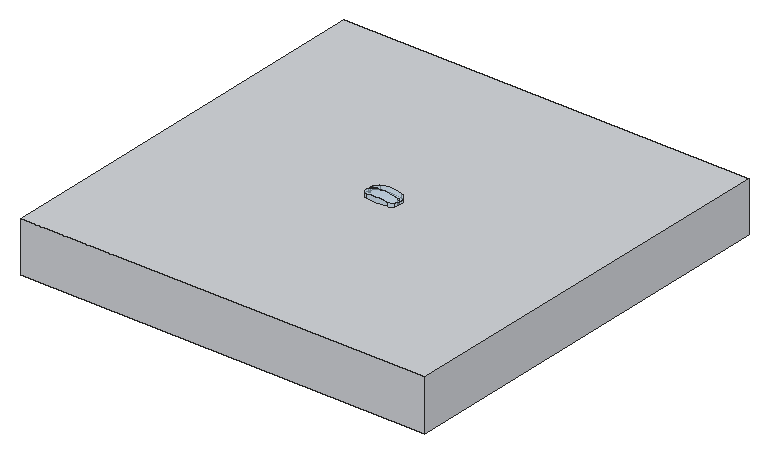
Revit family "GALAD Блистер LED", category Осветительные приборы, Revit 2018 (continued)
Types (3, lengths in mm): name | Файл фотометрической сетки | built-in parameter 1150142 | Материал рассеивателя | Материал корпуса | URL | IP | ADSK_Наименование краткое | ADSK_Наименование | ADSK_Марка | ADSK_Код изделия
    11 2.54 3.10 3.66 3.95 3.95 3.95 3.80 3.66 3.38 1.27 0.14 \r\n287.28 287.14 287.14 285.45 283.34 280.66 277.00 273.05 268.55 263.33 257.98 251.64 244.59 237.41 229.94 221.77 213.17 203.88 194.58 184.43 174.01 163.72 153.01 141.32 129.76 118.63 106.94 95.25 83.97 72.84 62.28 52.55 43.96 36.07 29.02 22.97 17.75 13.24 9.02 7.61 6.48 5.78 5.35 5.07 4.79 4.65 4.37 3.95 3.10 2.68 2.54 2.40 2.25 2.11 1.97 1.83 1.69 1.69 1.55 1.41 1.55 1.97 2.54 3.10 3.52 3.80 3.95 3.95 3.80 3.66 3.38 1.27 0.14 \r\n287.28 287.28 287.14 285.45 283.34 280.52 277.00 273.20 268.41 263.33 257.98 251.36 244.88 237.55 229.80 221.35 213.17 203.59 194.01 184.29 173.86 163.44 152.45 141.04 129.76 118.21 106.52 94.96 83.41 72.28 61.71 52.13 43.40 35.65 28.60 22.40 17.19 12.26 8.45 6.48 5.64 5.07 4.65 4.51 4.37 4.23 3.95 3.52 2.82 2.40 2.25 2.11 1.97 1.83 1.69 1.69 1.55 1.55 1.41 1.27 1.41 1.83 2.40 2.96 3.52 3.95 3.95 3.95 3.80 3.66 3.38 1.27 0.14 \r\n287.28 287.28 287.28 285.59 283.48 280.52 277.00 273.20 268.26 263.33 257.98 251.07 244.73 237.41 229.80 221.06 212.75 203.59 194.01 184.15 174.01 163.16 152.31 140.90 129.76 118.07 106.23 94.68 83.13 72.00 61.57 51.99 43.25 35.51 28.60 22.12 16.91 10.85 6.20 5.92 5.07 4.51 4.23 4.09 3.95 3.80 3.66 3.10 2.54 1.97 1.97 1.83 1.69 1.69 1.55 1.55 1.41 1.41 1.27 1.27 1.41 1.83 2.40 2.96 3.52 3.95 3.95 3.95 3.80 3.66 3.52 1.41 0.14 \r\n287.28 287.43 287.28 285.59 283.48 280.52 277.00 273.34 268.41 263.19 257.98 251.07 244.73 237.27 229.66 221.21 212.47 203.59 194.29 184.01 173.86 163.16 152.17 140.90 129.48 117.93 106.23 94.40 83.13 71.86 61.29 51.71 43.11 35.36 28.60 21.98 16.77 11.41 6.06 5.35 4.51 4.09 3.80 3.66 3.52 3.52 3.38 2.82 2.25 1.83 1.69 1.69 1.55 1.55 1.41 1.41 1.41 1.27 1.27 1.27 1.27 1.83 2.40 2.96 3.66 3.95 4.09 3.95 3.80 3.66 3.52 1.41 0.14 \r\n287.28 287.43 287.43 285.74 283.48 280.52 277.14 273.48 268.55 263.47 257.84 251.36 244.88 237.13 229.66 221.35 212.47 203.59 194.01 184.15 173.72 163.30 152.31 140.75 129.76 118.07 106.38 94.68 83.13 72.14 61.57 51.85 43.11 35.22 28.60 22.26 16.91 12.12 6.76 5.64 4.65 4.09 3.80 3.66 3.52 3.38 3.24 2.82 2.11 1.83 1.69 1.69 1.55 1.55 1.41 1.41 1.41 1.27 1.27 1.13 1.41 1.83 2.40 2.96 3.66 3.95 3.95 3.95 3.80 3.66 3.38 1.41 0.14 \r\n287.28 287.43 287.43 285.74 283.48 280.66 277.14 273.48 268.41 263.47 257.70 251.50 244.88 237.27 229.94 221.77 212.89 204.02 194.29 184.57 174.01 163.58 152.73 141.32 130.05 118.49 106.52 95.10 83.55 72.28 61.85 52.13 43.25 35.51 28.74 22.40 17.19 12.40 7.47 6.06 5.35 4.79 4.37 4.09 3.95 3.80 3.52 3.10 2.40 1.97 1.83 1.69 1.69 1.55 1.55 1.41 1.41 1.27 1.27 1.27 1.41 1.83 2.40 3.10 3.66 3.95 3.95 3.95 3.80 3.66 3.38 1.41 0.14 \r\n287.28 287.57 287.43 285.88 283.48 280.80 277.14 273.34 268.41 263.61 257.84 251.50 245.16 237.55 230.08 222.05 213.32 204.16 194.44 184.43 174.43 163.86 153.15 141.74 130.19 118.77 107.36 95.39 84.11 72.84 62.28 52.69 43.82 36.07 29.02 22.82 17.75 12.40 8.59 7.47 6.20 5.35 4.93 4.65 4.37 4.23 3.95 3.52 2.82 2.25 2.11 1.97 1.83 1.69 1.69 1.55 1.41 1.41 1.27 1.27 1.41 1.83 2.40 3.10 3.66 3.95 3.95 3.95 3.80 3.66 3.38 1.41 0.14 \r\n287.28 287.57 287.43 285.88 283.62 280.80 277.14 273.05 268.69 263.76 257.98 251.64 245.58 237.83 230.22 222.19 213.60 204.16 194.86 185.00 174.85 164.42 153.15 142.30 130.75 119.20 107.64 95.95 84.54 73.41 62.84 53.12 44.24 36.49 29.59 23.39 18.18 13.39 9.86 7.61 6.76 6.06 5.64 5.21 5.07 4.79 4.51 3.80 3.10 2.68 2.54 2.40 2.11 1.97 1.83 1.69 1.69 1.55 1.41 1.41 1.55 1.97 2.54 3.10 3.66 3.95 3.95 3.95 3.80 3.66 3.38 1.41 0.14 \r\n287.28 287.71 287.43 286.02 283.62 280.80 277.14 273.20 268.97 263.90 258.26 252.06 245.58 237.97 230.65 222.61 214.02 204.72 195.28 185.70 175.27 164.71 153.72 142.73 131.60 119.90 108.21 96.65 85.38 74.25 63.68 53.96 45.09 37.20 30.29 24.09 19.02 14.51 10.43 8.59 7.47 6.76 6.34 5.92 5.64 5.35 4.93 4.37 3.52 3.10 2.82 2.68 2.40 2.25 2.11 1.97 1.83 1.69 1.55 1.55 1.69 1.97 2.54 3.10 3.66 3.95 3.95 3.95 3.80 3.66 3.38 1.41 0.14 \r\n287.28 287.71 287.43 286.02 283.48 280.94 277.42 273.48 269.25 264.18 258.40 252.48 245.72 238.25 230.93 222.76 214.30 205.28 195.84 186.26 175.84 165.13 154.42 143.29 131.88 120.61 109.05 97.50 86.09 75.10 64.39 54.81 45.79 37.90 31.00 24.94 19.58 15.36 11.69 9.02 7.89 7.47 7.04 6.62 6.34 5.92 5.49 4.79 3.95 3.66 3.38 3.10 2.82 2.54 2.40 2.11 1.97 1.83 1.69 1.69 1.69 2.11 2.68 3.24 3.66 3.95 3.95 3.95 3.80 3.66 3.38 1.41 0.14 \r\n287.28 287.71 287.43 285.88 283.62 281.09 277.70 273.62 269.39 264.32 258.68 252.62 246.14 238.82 231.49 222.90 214.72 205.71 196.13 186.55 176.40 165.83 155.13 144.14 132.72 121.17 109.76 98.20 86.93 76.08 65.52 55.79 46.92 38.89 31.84 25.78 20.57 16.20 12.54 9.86 8.59 8.17 7.61 7.33 7.04 6.62 6.06 5.35 4.51 4.23 3.80 3.52 3.24 2.96 2.68 2.40 2.11 1.97 1.83 1.69 1.83 2.25 2.68 3.24 3.66 3.95 3.95 3.95 3.80 3.66 3.38 1.41 0.14 \r\n287.28 287.85 287.43 285.88 283.76 281.09 277.85 273.76 269.39 264.46 259.11 252.62 246.43 239.24 231.91 223.46 215.29 206.41 196.83 187.11 176.96 166.54 155.69 144.84 133.57 122.16 110.60 99.19 87.92 76.65 66.36 56.64 47.76 39.73 32.69 26.63 21.28 17.05 13.53 10.71 9.16 8.74 8.45 8.03 7.61 7.19 6.62 5.78 5.07 4.79 4.37 4.09 3.66 3.38 2.96 2.68 2.40 2.11 1.97 1.83 1.97 2.40 2.82 3.38 3.80 3.95 3.95 3.95 3.80 3.52 3.38 1.41 0.14 \r\n287.28 287.85 287.43 285.88 283.90 280.94 277.85 273.90 269.67 264.88 258.97 253.05 246.85 239.38 232.20 224.16 215.43 206.97 197.39 187.95 177.53 167.10 156.39 145.54 134.27 123.00 111.31 99.89 88.48 77.49 67.21 57.63 48.75 40.72 33.67 27.47 22.40 18.03 14.51 11.69 9.86 9.44 9.16 8.88 8.31 7.89 7.33 6.34 5.78 5.35 4.93 4.51 4.09 3.66 3.38 2.96 2.68 2.40 2.11 1.97 2.25 2.54 2.96 3.38 3.80 3.95 3.95 3.95 3.80 3.52 3.38 1.41 0.14 \r\n287.28 287.99 287.43 285.88 283.90 280.94 277.85 273.90 270.10 265.02 259.25 253.47 247.27 239.94 232.62 224.59 216.13 207.26 197.96 188.38 178.23 167.52 157.10 145.97 134.84 123.56 112.15 100.74 89.47 78.48 68.19 58.61 49.74 41.70 34.66 28.46 23.25 18.88 15.36 12.54 10.57 10.00 9.86 9.58 9.16 8.45 7.75 6.90 6.34 5.78 5.35 4.93 4.65 4.23 3.80 3.38 2.96 2.68 2.25 2.25 2.40 2.68 3.10 3.52 3.80 3.95 3.95 3.95 3.80 3.52 3.38 1.41 0.14 \r\n287.28 287.99 287.43 285.88 283.90 281.23 277.99 274.18 270.24 265.16 259.81 253.75 247.55 240.37 232.76 225.01 216.70 207.82 198.66 188.94 178.65 168.37 158.08 146.95 135.54 124.41 112.86 101.59 90.60 79.75 69.32 59.60 50.72 42.83 35.65 29.45 24.23 19.87 16.34 13.53 11.41 10.71 10.43 10.29 9.86 9.16 8.31 7.33 6.76 6.34 5.92 5.49 4.93 4.51 4.09 3.66 3.38 2.96 2.54 2.40 2.54 2.82 3.24 3.66 3.95 3.95 3.95 3.95 3.80 3.52 3.38 1.55 0.14 \r\n287.28 288.13 287.57 285.88 284.04 281.37 278.27 274.46 270.38 265.45 260.09 254.17 247.83 240.65 233.32 225.57 217.12 208.38 199.08 189.22 179.50 169.21 158.37 147.38 136.53 125.11 113.84 102.43 91.30 80.73 70.31 60.58 51.85 43.82 36.63 30.43 25.08 20.71 17.19 14.37 12.26 11.13 10.99 10.99 10.71 10.00 8.88 7.89 7.33 6.90 6.34 5.92 5.35 4.93 4.51 4.09 3.66 3.24 2.82 2.68 2.82 3.10 3.38 3.66 3.95 3.95 3.95 3.95 3.80 3.52 3.38 1.55 0.14 \r\n287.28 288.13 287.57 286.02 284.04 281.65 278.55 274.75 270.38 265.59 260.23 254.32 248.12 241.21 233.60 226.14 217.68 208.81 199.65 190.07 180.06 169.78 159.07 148.36 137.23 126.10 114.55 103.28 92.29 81.44 71.15 61.57 52.84 44.80 37.62 31.42 26.07 21.70 18.18 15.36 13.24 11.69 11.55 11.55 11.41 10.85 9.72 8.59 7.89 7.33 6.76 6.20 5.78 5.21 4.79 4.37 3.95 3.52 3.24 3.10 3.10 3.24 3.52 3.80 3.95 3.95 3.95 3.80 3.66 3.52 3.38 1.55 0.14 \r\n287.28 288.27 287.71 286.16 284.33 281.79 278.69 274.89 270.66 266.01 260.66 254.60 248.68 241.63 234.17 226.42 217.96 209.51 200.21 190.91 180.77 170.48 159.77 148.93 137.80 126.66 115.39 104.12 93.13 82.56 72.28 62.70 53.96 45.79 38.61 32.41 27.05 22.68 19.16 16.20 13.95 12.26 11.69 11.98 11.98 11.41 10.57 9.44 8.45 7.89 7.19 6.62 6.06 5.64 5.07 4.65 4.23 3.80 3.52 3.52 3.52 3.52 3.66 3.80 3.95 4.09 3.95 3.80 3.66 3.52 3.38 1.55 0.14 \r\n287.28 288.27 287.71 286.30 284.47 281.79 278.69 275.03 270.94 266.29 260.94 255.16 248.96 242.06 234.73 226.84 218.67 209.93 200.78 191.34 181.33 171.33 160.62 149.91 138.64 127.51 116.38 105.11 94.12 83.41 73.27 63.68 54.95 46.78 39.73 33.39 28.04 23.67 20.01 17.05 14.79 13.10 12.26 12.40 12.54 11.98 11.27 10.14 9.16 8.17 7.47 6.90 6.48 5.92 5.35 4.93 4.51 4.09 3.95 3.80 3.80 3.80 3.80 3.95 4.09 4.09 3.95 3.80 3.66 3.52 3.38 1.55 0.14 \r\n287.28 288.41 287.71 286.30 284.47 281.93 278.83 275.31 271.22 266.43 261.36 255.72 249.24 242.48 235.15 227.40 219.09 210.36 201.20 191.76 182.04 171.89 161.18 150.48 139.63 128.36 117.22 106.09 95.10 84.40 74.25 64.81 55.94 47.90 40.72 34.38 29.02 24.52 20.85 17.89 15.64 13.81 12.68 12.68 12.82 12.54 11.98 11.13 9.86 8.88 8.03 7.33 6.76 6.20 5.64 5.21 4.65 4.37 4.23 4.23 4.23 4.09 4.09 4.09 4.09 4.09 3.95 3.80 3.66 3.52 3.24 1.55 0.14 \r\n287.28 288.41 287.85 286.44 284.47 281.93 278.97 275.59 271.36 266.71 261.64 255.87 249.67 242.76 235.44 227.97 219.66 211.06 201.90 192.46 182.60 172.46 161.89 151.04 140.33 129.20 117.79 106.66 95.81 85.10 75.10 65.66 56.78 48.89 41.70 35.36 30.01 25.50 21.70 18.74 16.34 14.65 13.39 12.96 13.39 13.24 12.68 11.84 10.57 9.30 8.31 7.61 7.04 6.48 5.92 5.35 4.93 4.65 4.65 4.65 4.65 4.51 4.37 4.23 4.09 4.09 3.95 3.80 3.66 3.52 3.24 1.41 0.14 \r\n287.28 288.55 287.99 286.44 284.61 282.07 279.39 275.87 271.79 267.14 261.78 256.01 249.81 243.33 236.00 228.39 220.22 211.62 202.61 193.31 183.30 172.88 162.45 151.74 141.04 129.76 118.49 107.64 96.94 86.37 76.08 66.64 58.05 50.02 42.83 36.49 31.00 26.49 22.68 19.58 17.19 15.36 13.95 13.24 13.67 13.81 13.24 12.26 11.13 10.00 8.88 8.03 7.33 6.76 6.20 5.64 5.21 5.07 4.93 4.93 4.93 4.79 4.51 4.37 4.23 4.09 3.95 3.80 3.66 3.52 3.24 1.41 0.14 \r\n287.28 288.55 287.99 286.44 284.61 282.21 279.68 276.15 272.07 267.56 262.35 256.85 250.37 244.03 236.70 228.95 220.78 212.47 203.17 193.73 184.01 173.86 163.58 152.73 141.88 130.75 119.62 108.63 97.64 87.21 77.21 67.77 59.04 51.00 43.82 37.48 31.98 27.33 23.39 20.29 17.89 16.06 14.65 13.81 14.09 14.23 13.53 12.68 11.55 10.43 9.16 8.31 7.61 7.04 6.48 5.92 5.64 5.35 5.35 5.35 5.21 5.07 4.79 4.51 4.23 4.09 3.95 3.80 3.66 3.52 3.24 1.41 0.14 \r\n287.28 288.69 288.13 286.58 284.75 282.35 279.82 276.30 272.07 267.84 262.77 257.42 251.07 244.45 237.13 229.38 221.49 213.17 204.02 194.29 184.71 174.57 164.14 153.43 142.59 131.60 120.47 109.48 98.63 88.34 78.34 68.76 60.02 52.13 44.95 38.46 32.97 28.18 24.23 21.13 18.60 16.63 15.22 14.23 13.95 14.23 13.95 13.10 12.12 10.99 9.72 8.59 7.89 7.19 6.62 6.20 5.92 5.78 5.78 5.64 5.49 5.35 5.07 4.65 4.23 4.09 3.95 3.80 3.52 3.38 3.24 1.41 0.14 \r\n287.28 288.69 288.13 286.72 284.89 282.49 279.68 276.44 272.35 267.98 262.91 257.56 251.36 244.73 237.55 230.08 221.77 213.17 204.30 195.00 185.14 175.27 164.99 154.14 143.01 132.16 121.03 109.90 99.05 88.76 78.90 69.46 60.87 52.84 45.65 39.17 33.67 29.02 25.08 21.84 19.30 17.19 15.78 14.65 14.23 14.37 14.09 13.39 12.40 11.27 10.14 8.88 8.03 7.33 6.76 6.48 6.20 6.20 6.06 5.92 5.78 5.64 5.21 4.79 4.37 4.09 3.95 3.66 3.52 3.38 3.10 1.41 0.14 \r\n287.28 288.83 288.27 286.72 285.03 282.64 279.82 276.58 272.77 268.41 263.05 257.56 251.50 245.02 237.83 230.36 222.33 213.88 204.72 195.28 185.70 175.70 165.13 154.56 143.71 132.44 121.45 110.74 100.04 89.61 79.75 70.45 61.85 53.96 46.78 40.30 34.66 30.01 25.92 22.54 20.01 17.89 16.20 15.08 14.37 14.51 14.37 13.53 12.54 11.55 10.29 9.16 8.17 7.61 7.19 6.90 6.62 6.48 6.34 6.20 6.06 5.78 5.35 4.93 4.51 4.09 3.95 3.66 3.52 3.38 3.10 1.41 0.14 \r\n287.28 288.83 288.41 286.86 285.03 282.78 280.10 276.86 273.05 268.55 263.33 257.84 251.78 245.16 238.11 230.65 222.61 214.30 205.28 195.99 186.55 176.26 165.69 155.13 144.42 133.43 122.44 111.73 100.88 90.45 80.59 71.29 62.56 54.53 47.48 41.14 35.51 30.57 26.49 23.11 20.43 18.32 16.77 15.50 14.51 14.37 14.23 13.53 12.54 11.55 10.57 9.44 8.45 7.89 7.47 7.33 7.04 6.90 6.76 6.62 6.34 5.92 5.49 5.07 4.51 4.09 3.95 3.66 3.52 3.38 3.10 1.41 0.14 \r\n287.28 288.83 288.55 286.86 285.17 282.92 280.38 277.00 273.20 268.55 263.61 258.12 252.06 245.72 238.54 230.93 223.32 214.58 205.71 196.41 186.69 176.68 166.40 155.83 144.98 134.27 123.14 112.01 101.44 91.16 81.30 72.14 63.54 55.65 48.47 42.13 36.49 31.56 27.33 23.95 21.13 18.88 17.19 15.78 14.65 14.23 13.95 13.39 12.54 11.69 10.71 9.72 8.74 8.17 7.89 7.61 7.33 7.19 7.04 6.76 6.48 6.06 5.64 5.07 4.51 4.09 3.80 3.66 3.52 3.38 3.10 1.41 0.14 \r\n287.28 288.83 288.69 287.14 285.17 282.92 280.38 277.14 273.20 268.69 263.76 258.26 252.20 246.14 239.24 231.35 223.46 215.15 206.13 196.83 187.25 177.25 167.10 156.68 145.69 134.70 123.71 112.86 102.15 91.86 82.14 72.98 64.39 56.36 49.17 42.69 37.06 32.12 28.04 24.52 21.70 19.44 17.61 15.92 14.51 13.95 13.81 13.39 12.54 11.69 10.85 10.00 9.16 8.59 8.31 8.03 7.75 7.47 7.19 7.04 6.62 6.20 5.78 5.21 4.65 4.09 3.80 3.66 3.52 3.38 2.96 1.27 0.14 \r\n287.28 288.83 288.83 287.28 285.17 282.92 280.38 277.14 273.34 268.97 264.32 258.68 252.62 246.28 239.24 231.77 223.60 215.43 206.69 197.53 187.81 177.81 167.38 156.82 145.97 135.26 124.41 113.56 103.14 92.85 82.99 73.83 65.23 57.34 50.16 43.68 37.90 32.97 28.74 25.08 22.26 19.87 17.89 16.06 14.51 13.53 13.24 12.96 12.40 11.69 10.99 10.29 9.58 9.02 8.59 8.31 8.03 7.75 7.47 7.19 6.76 6.34 5.92 5.21 4.65 4.09 3.80 3.52 3.52 3.38 2.96 1.27 0.14 \r\n287.28 288.83 288.98 287.43 285.45 283.06 280.38 277.14 273.48 269.25 264.60 259.25 253.33 246.85 239.66 232.20 224.16 215.99 207.26 197.96 188.24 178.23 168.09 157.52 146.81 135.96 124.97 114.12 103.42 93.27 83.69 74.39 65.80 57.91 50.72 44.24 38.46 33.53 29.31 25.64 22.68 20.29 18.03 15.92 14.23 13.24 13.24 12.96 12.40 11.69 11.13 10.57 10.00 9.30 8.88 8.59 8.17 7.89 7.47 7.19 6.90 6.48 5.92 5.35 4.65 4.09 3.80 3.52 3.38 3.38 2.96 1.27 0.14 \r\n287.28 288.83 289.12 287.71 285.59 283.20 280.52 277.42 273.62 269.53 264.74 259.11 253.47 246.99 239.94 232.62 224.73 216.41 207.54 198.52 188.80 178.65 168.65 158.08 147.24 136.39 125.68 114.83 104.40 94.26 84.40 75.24 66.64 58.75 51.57 45.09 39.31 34.24 29.87 26.21 23.25 20.71 18.60 16.20 13.95 12.54 12.26 12.40 12.26 11.84 11.41 10.85 10.29 9.58 9.16 8.74 8.45 8.03 7.61 7.33 6.90 6.48 5.92 5.35 4.79 4.23 3.80 3.52 3.38 3.38 2.82 1.27 0.14 \r\n287.28 288.83 289.12 287.85 286.02 283.62 280.80 277.56 273.90 269.67 265.02 259.53 253.47 247.13 240.23 232.76 225.15 216.98 208.10 198.80 189.22 179.50 169.07 158.65 147.94 137.09 126.10 115.39 104.69 94.54 84.82 75.66 67.21 59.32 52.13 45.65 39.87 34.80 30.29 26.63 23.53 20.99 18.88 16.48 13.95 12.26 11.84 12.26 12.40 11.98 11.55 11.13 10.43 9.86 9.30 8.88 8.45 8.03 7.61 7.33 6.90 6.48 6.06 5.49 4.79 4.23 3.66 3.52 3.38 3.38 2.82 1.27 0.14 \r\n287.28 288.83 289.12 287.99 286.16 284.04 280.94 277.70 274.04 269.67 265.02 259.81 254.03 247.69 240.79 233.18 225.43 216.98 208.38 199.23 189.64 179.78 169.78 158.93 148.08 137.51 126.66 115.96 105.39 95.25 85.52 76.37 67.77 60.02 52.69 46.21 40.58 35.36 30.86 27.05 23.95 21.42 19.16 16.63 13.95 12.26 11.41 11.84 12.26 11.98 11.55 11.13 10.71 10.00 9.44 9.02 8.59 8.17 7.75 7.33 6.90 6.62 6.06 5.49 4.79 4.23 3.66 3.52 3.38 3.38 2.68 1.13 0.14 \r\n287.28 288.83 289.12 287.99 286.44 284.33 281.37 277.99 274.32 269.81 264.88 259.81 254.32 247.69 240.79 233.46 225.57 217.26 208.67 199.51 189.93 180.06 170.06 159.49 148.79 137.94 127.09 116.38 105.95 95.67 85.95 76.79 68.47 60.58 53.26 46.78 40.86 35.79 31.28 27.47 24.37 21.84 19.58 17.19 14.23 11.98 10.99 11.41 11.98 11.69 11.13 10.99 10.57 10.00 9.44 9.02 8.59 8.17 7.75 7.33 6.90 6.48 6.06 5.49 4.79 4.23 3.66 3.52 3.38 3.38 2.68 1.13 0.14 \r\n287.28 288.69 289.12 287.99 286.44 284.61 281.65 278.41 274.75 270.24 265.45 260.23 254.32 247.83 241.21 233.89 226.00 217.82 209.09 199.93 190.49 180.63 170.48 160.06 149.21 138.50 127.79 116.94 106.38 96.09 86.51 77.49 68.90 61.01 53.68 47.20 41.56 36.35 31.70 27.76 24.66 21.98 19.44 16.63 13.81 11.55 10.43 10.99 11.69 11.55 11.27 10.99 10.71 10.14 9.44 9.02 8.74 8.17 7.75 7.33 6.90 6.62 6.06 5.49 4.79 4.23 3.66 3.52 3.38 3.38 2.68 1.13 0.14 \r\n287.28 288.69 289.12 287.99 286.44 284.47 281.79 278.83 275.45 271.22 26
    6.29 260.94 254.88 248.12 241.35 234.17 226.28 218.11 209.65 200.35 190.63 180.91 170.76 160.34 149.77 139.06 128.07 117.37 106.80 96.65 86.93 77.63 69.18 61.29 54.24 47.62 41.85 36.63 31.98 28.04 24.80 22.12 19.58 16.77 13.53 11.13 9.44 10.00 11.13 11.27 11.13 10.99 10.71 10.14 9.58 9.02 8.59 8.17 7.75 7.33 6.90 6.62 6.20 5.64 4.93 4.23 3.66 3.38 3.38 3.38 2.54 0.99 0.14 \r\n287.28 288.69 289.12 287.99 286.58 284.47 281.93 279.11 275.73 271.50 266.29 261.08 255.30 249.10 242.20 234.59 226.70 218.53 209.93 200.49 191.19 181.33 170.91 160.34 149.77 139.20 128.36 117.51 107.08 96.94 87.21 78.06 69.60 61.71 54.53 48.05 42.13 36.91 32.26 28.32 24.94 22.40 20.01 16.91 13.10 10.85 9.30 9.86 11.13 11.27 10.99 10.99 10.85 10.14 9.58 9.02 8.74 8.17 7.75 7.33 6.90 6.62 6.20 5.64 4.93 4.23 3.66 3.38 3.38 3.24 2.54 0.99 0.14 \r\n287.28 288.69 289.12 288.13 286.58 284.47 281.93 279.11 275.31 271.08 266.29 261.22 255.30 249.10 242.34 235.01 227.12 218.81 210.07 200.92 191.19 181.33 171.33 160.90 149.91 139.06 128.36 117.51 107.08 96.79 87.07 78.06 69.60 61.71 54.53 47.90 42.13 36.77 32.12 28.32 24.94 22.26 19.87 16.91 13.24 10.71 9.44 9.72 10.71 11.13 10.85 10.85 10.71 10.14 9.58 9.16 8.74 8.31 7.89 7.47 7.04 6.62 6.20 5.64 4.93 4.23 3.66 3.38 3.38 3.24 2.40 0.99 0.14 \r\n287.28 288.69 289.12 288.27 286.72 284.61 282.07 279.11 275.59 271.36 266.57 261.50 255.87 249.38 242.62 235.29 227.55 219.23 210.07 200.92 191.62 182.18 171.89 161.18 150.62 140.05 129.34 118.49 108.07 97.92 88.06 78.90 70.31 62.56 55.23 48.61 42.83 37.48 32.69 28.74 25.36 22.68 20.29 17.19 13.53 10.85 9.72 9.16 10.00 10.85 10.85 10.71 10.71 10.29 9.72 9.16 8.74 8.31 7.89 7.33 7.04 6.62 6.20 5.64 4.93 4.23 3.66 3.38 3.38 3.24 2.40 0.85 0.14 \r\n" | none | none | "https://galad.ru/catalog/indoor/zhkh/blister/galad-blister-led-9-eco-ip65/" | "65" | "GALAD Блистер LED-9 ECO IP65" | "GALAD Блистер LED-9 ECO IP65" | "GALAD Блистер LED-9 ECO IP65" | "16444"
